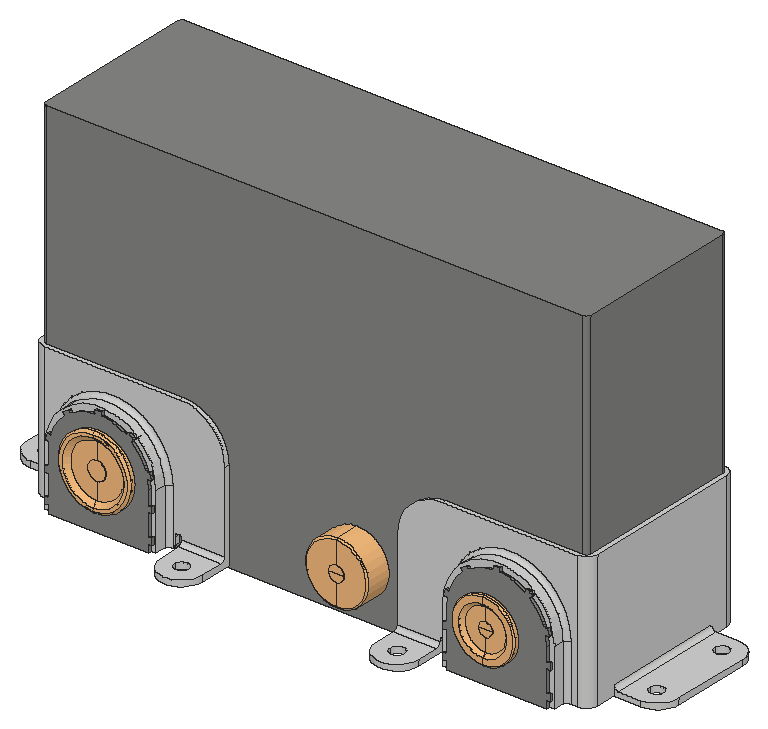
Revit family "Valve-Two_Outlet_Thermostatic-KOHLER-K-26340T", category Plumbing Fixtures, host Face, Revit 2017
Family settings
  Host = Face
  Round Connector Dimension = Use Diameter
  Part Type = Normal
  OmniClass Number = 23.27.31.00
  OmniClass Title = Valves
  Cut with Voids When Loaded = No
  Shared = No
  Room Calculation Point = No
Parameters (values of type "NA- Not applicable")
  Width = 11 51/128"  # constant formula
  WaterSense Certified = 1 = 0  # no
  Waste Connection = 1 = 0  # no
  Vent Connection = 1 = 0  # no
  Tempered Water Outlet 2 Up [instance] = no
  Tempered Water Outlet 1 Up [instance] = no
  Tempered Water Outlet 2 = "Tempered Water Outlet 2"  # constant formula
  Tempered Water Outlet 1 = "Tempered Water Outlet 1"  # constant formula
  URL = "http://www.kohler.com.cn/"
  Type = 1
  Product Page URL = ""
  Product Name = ""
  Product Documentation Link = ""
  Pressure = 0.00 psi
  Model = "K-26340T-NA"  # constant formula
  Material = "Plastic"  # constant formula
  Master Format 2014 Name = "Control Valves"  # constant formula
  Master Format 2014 = "23 09 13.33"  # constant formula
  Manufacturer Address = "Kohler Beijing Office (100016)\n36-2-03-B, No. 88, Liuxiang Road, Beijing"  # constant formula
  Manufacturer = "KOHLER Co."  # constant formula
  Length = 6 13/128"  # constant formula
  Hot Water Inlet = "Hot Water Inlet"  # constant formula
  Height = 4 113/128"  # constant formula
  HW Connection = 1 = 1  # yes
  Flow Rate = 1.75 GPM  # constant formula
  Finish = Kohler-Plastic-58-Thunder_Grey
  Environmental Product Declaration = ""
  Description = "Recessed thermostatic valve-2-outlet"  # constant formula
  Default Elevation = 42"
  Declare Label = ""
  Date Modified = "02/12/2021"  # constant formula
  Date Created = "02/12/2021"  # constant formula
  Copyright = "Copyright KOHLER Co."  # constant formula
  Contact Us = "http://www.kohler.com.cn/contact/contact-us/"
  Cold Water Inlet = "Cold Water Inlet"  # constant formula
  CW Connection = 1 = 1  # yes
  Tempered Water Outlet 2 Down [instance] = not(Tempered Water Outlet 2 Up)  # yes
  Tempered Water Outlet 1 Down [instance] = not(Tempered Water Outlet 1 Up)  # yes
  Assembly Code = "D2020"
  ADA Compliant = 1 = 0  # no
Reference planes (in)
  plane 1 "Center (Front/Back)": y = 0
  plane 2: z = 0
  plane 3 "Center (Left/Right)": x = 0
  plane 4: y = 2.44094
  plane 5: y = -2.44188
  plane 6: y = 1.98819
  plane 7: y = -1.98819
  plane 8: z = 0
  plane 9: z = -5.21654
  plane 10: z = -5.11811
  plane 11: x = -5.69882
  plane 12: x = 5.69962
  plane 13: x = 3.29724
  plane 14: x = 0.73819
  plane 15: x = -3.48914
  plane 16: x = -4.85236
  plane 17: x = 4.85236
  plane 18: y = -1.51575
  plane 19: y = 1.51575
  plane 20: z = -6.10156
  plane 21: y = 0.70866
  plane 22: y = -0.70866
  plane 23: x = -5.3248
  plane 24: x = 5.3248
  plane 25: x = -1.87992
  plane 26: x = 1.87992
Forms (in)
  Extrusion 1, void
    sketch origin (0, 0, 0) x (1, 0, 0) y (0, 1, 0)
      loop
        line (-4.85236, 1.59449) -> (-4.85236, -1.59449) -> (4.85236, -1.59449) -> (4.85236, 1.59449) -> (-4.85236, 1.59449)
    from -6.10236 to 1.46474
  Extrusion 2, void
    sketch origin (0, 0, 0) x (1, 0, 0) y (0, 0, 1)
      loop
        line (-5.69882, -3.72047) -> (-5.69882, -6.10236) -> (5.69882, -6.10236) -> (5.69882, -3.72047) -> (-5.69882, -3.72047)
    from -2.44094 to 2.44094
Dimensions and locks (in)
  locked: plane 17 to plane 16 at 9.70472
  locked: plane 19 to plane 18 at 3.0315
  locked: plane 6 to plane 7 at 3.97638
  "Length": level to plane 20
  locked: plane 10 to plane 20 at 0.98345
  locked: plane 9 to plane 20 at 0.88503
  "Width": plane 11 to plane 12
  "Height": plane 4 to plane 5
  locked: plane 22 to plane 21 at 1.41732
  locked: plane 25 to plane 13 at 5.17717
  aligned and locked: plane 2 to host face
  aligned and locked: level to host face
  aligned and locked: plane 8 to nested 1
  aligned and locked: plane 8 to level
  aligned and locked: plane 10 to nested 1
  aligned and locked: plane 20 to nested 1
Automatic sketch dimensions
  host sketch curve to host sketch curve = 96"  (x2)
  plane 11 to Extrusion 2 sketch curve = 0"
  Extrusion 2 sketch curve to plane 12 = 0.0008"
  plane 20 to Extrusion 2 sketch curve = 0.0008"
  Extrusion 2 sketch curve to plane 20 = 2.38109"
  Extrusion 1 sketch curve to plane 16 = 0"
  Extrusion 1 sketch curve to plane 17 = 0"
  plane 18 to Extrusion 1 sketch curve = 0.07874"
  plane 19 to Extrusion 1 sketch curve = 0.07874"
Nested families (in)
  nested 1: "K-26340IN" at (0, 0, -6.10236), type "K-26340IN"
Connectors (in)
  piping at (-3.48914, -1.90938, -5.11811), diameter 0.75, driven by "Flow Rate", driven by "HW Connection", driven by "Hot Water Inlet"
    settings: on nested 1, index 1, connector inside diameter 24", connector length 0", flow factor 0, pipe flow 1.75 GPM, pressure drop 0.00 psi, fitting loss kfactor 0, connector angle 0.00°, fixture units 0, engagement length 0", angle of deflection 0.00°, flow configuration 1, flow direction 1, fitting loss method 0, system type 19, joint type 0, gender type 0, connector reference index -1, connector utility 1, adjustable connector no, is connector primary yes, connector description "Hot Water Inlet"
  piping at (-3.48914, 1.90938, -5.11811), diameter 0.75, driven by "Flow Rate", driven by "CW Connection", driven by "Cold Water Inlet"
    settings: on nested 1, index 2, connector inside diameter 24", connector length 0", flow factor 0, pipe flow 1.75 GPM, pressure drop 0.00 psi, fitting loss kfactor 0, connector angle 0.00°, fixture units 0, engagement length 0", angle of deflection 0.00°, flow configuration 1, flow direction 1, fitting loss method 0, system type 20, joint type 0, gender type 0, connector reference index -1, connector utility 1, adjustable connector no, is connector primary no, connector description "Cold Water Inlet"
  piping at (0.73819, -1.9685, -5.21654), diameter 0.5, driven by "Flow Rate", driven by "HW Connection", driven by "Tempered Water Outlet 1"
    settings: on nested 1, index 3, connector inside diameter 24", connector length 0", flow factor 0, pipe flow 1.75 GPM, pressure drop 0.00 psi, fitting loss kfactor 0, connector angle 0.00°, fixture units 0, engagement length 0", angle of deflection 0.00°, flow configuration 1, flow direction 2, fitting loss method 0, system type 19, joint type 0, gender type 0, connector reference index -1, connector utility 1, adjustable connector no, is connector primary no, connector description "Tempered Water Outlet 1"
  piping at (3.29724, -1.90938, -5.21654), diameter 0.5, driven by "Flow Rate", driven by "HW Connection", driven by "Tempered Water Outlet 2"
    settings: on nested 1, index 4, connector inside diameter 24", connector length 0", flow factor 0, pipe flow 1.75 GPM, pressure drop 0.00 psi, fitting loss kfactor 0, connector angle 0.00°, fixture units 0, engagement length 0", angle of deflection 0.00°, flow configuration 1, flow direction 2, fitting loss method 0, system type 19, joint type 0, gender type 0, connector reference index -1, connector utility 1, adjustable connector no, is connector primary no, connector description "Tempered Water Outlet 2"
Definition of nested family "K-26340IN"
  Parameters (values of type "K-26340")
    Top connector 2 = no
    Top connector 1 = no
    Material = none
    Connetor2 angel = if(Top connector 2, 0.00°, 180.00°)  # 180.00°
    Connector2 Distance = if(Top connector 2, 3.0315", 0")  # 0"
    Connector1 angel = if(Top connector 1, 180.00°, 0.00°)  # 0.00°
    Connector1 Distance = if(Top connector 1, 0", 3.0315")  # 3.0315"
    Bottum Connector 2 = not(Top connector 2)  # yes
    Bottum Connector 1 = not(Top connector 1)  # yes
  Reference planes (in)
    plane 1 "Center (Front/Back)": y = 0
    plane 2: z = 0
    plane 3 "Center (Left/Right)": x = 0
    plane 4: x = -5.69882
    plane 5: y = 2.44094
    plane 6: y = -2.44094
    plane 7: z = 6.10236
    plane 8 "2": x = 3.29724
    plane 9 "1": x = -3.48914
    plane 10: z = 0.98425
    plane 11 "A": z = 0.88583
    plane 12: y = 1.98819
    plane 13: y = -1.98819
    plane 14: x = -1.87992
    plane 15: x = 5.69882
    plane 16: y = 1.51575
    plane 17: y = -1.51575
    plane 18: x = 1.87992
    plane 19 "3": x = 0.73819
    plane 20: x = 4.85236
    plane 21: x = -4.85236
    plane 22: y = -1.51575
    plane 23: y = -1.51575
    plane 24: z = 0
    plane 25: y = 0.70866
    plane 26: y = -0.70866
    plane 27: x = -5.3248
    plane 28: x = 5.3248
  Forms (in)
    Extrusion 1, solid, material <- "Material", detail levels medium+fine
      sketch origin (0, 0, 0) x (1, 0, 0) y (0, 1, 0)
        loop
          line (4.6752, 1.51575) -> (-4.6752, 1.51575)
          arc (-4.6752, 1.51575) -> (-4.73087, 1.49269) -> (-4.75394, 1.43701) r 0.07874
          line (-4.75394, 1.43701) -> (-4.75394, -1.43701)
          arc (-4.75394, -1.43701) -> (-4.73087, -1.49269) -> (-4.6752, -1.51575) r 0.07874
          line (-4.6752, -1.51575) -> (4.6752, -1.51575)
          arc (4.6752, -1.51575) -> (4.73087, -1.49269) -> (4.75394, -1.43701) r 0.07874
          line (4.75394, -1.43701) -> (4.75394, 1.43701)
          arc (4.75394, 1.43701) -> (4.73087, 1.49269) -> (4.6752, 1.51575) r 0.07874
      from 0 to 6.10236
    Extrusion 2, solid, detail levels medium+fine
      sketch origin (0, 0, 0) x (1, 0, 0) y (0, 0, 1)
        loop
          line (-2.29331, 2.38189) -> (-4.85236, 2.38189) -> (-4.85236, 0.01969) -> (-2.42323, 0.01969)
          arc (-2.42323, 0.01969) -> (-2.38704, 0.03468) -> (-2.37205, 0.07087) r 0.05118
          line (-2.37205, 0.07087) -> (-2.37205, 0.2165)
          arc (-2.37205, 0.2165) -> (-2.31299, 0.27556) -> (-2.25394, 0.2165) r 0.05906
          line (-2.25394, 0.2165) -> (-2.25394, 0.01969) -> (-1.50591, 0.01969) -> (-1.50591, 1.59449)
          arc (-1.50591, 1.59449) -> (-1.73653, 2.15127) -> (-2.29331, 2.38189) r 0.7874
        loop
          arc (2.29331, 2.38189) -> (1.73653, 2.15127) -> (1.50591, 1.59449) r 0.7874
          line (1.50591, 1.59449) -> (1.50591, 0.01969) -> (2.25394, 0.01969) -> (2.25394, 0.2165)
          arc (2.25394, 0.2165) -> (2.31299, 0.27556) -> (2.37205, 0.2165) r 0.05906
          line (2.37205, 0.2165) -> (2.37205, 0.07087)
          arc (2.37205, 0.07087) -> (2.38704, 0.03468) -> (2.42323, 0.01969) r 0.05118
          line (2.42323, 0.01969) -> (4.85236, 0.01969) -> (4.85236, 2.38189) -> (2.29331, 2.38189)
      from -1.59449 to 1.59449
    Sweep 3, void
      path in 3D
        loop
          line (-4.85236, -1.59449, 2.38189) -> (-4.85236, -1.59449, 0.01969)
      profile origin (-4.85236, -1.59449, 1.20079) x (-1, 0, 0) y (0, -1, 0)
        loop
          line (0, -0.19685) -> (0, 0) -> (-0.19685, 0)
          arc (-0.19685, 0) -> (-0.05766, -0.05766) -> (0, -0.19685) r 0.19685
    Sweep 4, void
      path in 3D
        loop
          line (-4.85236, 1.59449, 2.38189) -> (-4.85236, 1.59449, 0.01969)
      profile origin (-4.85236, 1.59449, 1.20079) x (-1, 0, 0) y (0, -1, 0)
        loop
          arc (0, 0.19685) -> (-0.05766, 0.05766) -> (-0.19685, 0) r 0.19685
          line (-0.19685, 0) -> (0, 0) -> (0, 0.19685)
    Sweep 5, void
      path in 3D
        loop
          line (4.85236, -1.59449, 2.38189) -> (4.85236, -1.59449, 0.01969)
      profile origin (4.85236, -1.59449, 1.20079) x (1, 0, 0) y (0, 1, 0)
        loop
          arc (0, 0.19685) -> (-0.05766, 0.05766) -> (-0.19685, 0) r 0.19685
          line (-0.19685, 0) -> (0, 0) -> (0, 0.19685)
    Sweep 6, void
      path in 3D
        loop
          line (4.85236, 1.59449, 2.38189) -> (4.85236, 1.59449, 0.01969)
      profile origin (4.85236, 1.59449, 1.20079) x (1, 0, 0) y (0, 1, 0)
        loop
          line (0, -0.19685) -> (0, 0) -> (-0.19685, 0)
          arc (-0.19685, 0) -> (-0.05766, -0.05766) -> (0, -0.19685) r 0.19685
    Extrusion 7, solid, detail levels medium+fine
      sketch origin (0, 0, 0) x (1, 0, 0) y (0, 1, 0)
        loop
          line (-4.85236, 1.06299) -> (-5.3248, 1.06299)
          arc (-5.3248, 1.06299) -> (-5.58927, 0.95345) -> (-5.69882, 0.68898) r 0.37402
          line (-5.69882, 0.68898) -> (-5.69882, -0.68898)
          arc (-5.69882, -0.68898) -> (-5.58927, -0.95345) -> (-5.3248, -1.06299) r 0.37402
          line (-5.3248, -1.06299) -> (-4.85236, -1.06299) -> (-4.85236, 1.06299)
        loop
          line (4.85236, 1.06299) -> (4.85236, -1.06299) -> (5.3248, -1.06299)
          arc (5.3248, -1.06299) -> (5.58927, -0.95345) -> (5.69882, -0.68898) r 0.37402
          line (5.69882, -0.68898) -> (5.69882, 0.68898)
          arc (5.69882, 0.68898) -> (5.58927, 0.95345) -> (5.3248, 1.06299) r 0.37402
          line (5.3248, 1.06299) -> (4.85236, 1.06299)
        loop
          circle (-5.3248, 0.70866) r 0.12598
        loop
          circle (-5.3248, -0.70866) r 0.12598
        loop
          circle (5.3248, 0.70866) r 0.12598
        loop
          circle (5.3248, -0.70866) r 0.12598
        loop
          arc (-2.25393, -2.06693) -> (-1.87992, -2.44094) -> (-1.50591, -2.06693) r 0.37401
          line (-1.50591, -2.06693) -> (-1.50591, -1.59449) -> (-2.25393, -1.59449) -> (-2.25393, -2.06693)
        loop
          line (2.25393, -2.06693) -> (2.25393, -1.59449) -> (1.50591, -1.59449) -> (1.50591, -2.06693)
          arc (1.50591, -2.06693) -> (1.87992, -2.44094) -> (2.25393, -2.06693) r 0.37401
        loop
          line (-2.25393, 2.06693) -> (-2.25393, 1.59449) -> (-1.50591, 1.59449) -> (-1.50591, 2.06693)
          arc (-1.50591, 2.06693) -> (-1.87992, 2.44094) -> (-2.25393, 2.06693) r 0.37401
        loop
          arc (2.25393, 2.06693) -> (1.87992, 2.44094) -> (1.50591, 2.06693) r 0.37401
          line (1.50591, 2.06693) -> (1.50591, 1.59449) -> (2.25393, 1.59449) -> (2.25393, 2.06693)
        loop
          circle (-1.87992, -2.06693) r 0.12598
        loop
          circle (1.87992, -2.06693) r 0.12598
        loop
          circle (-1.87992, 2.06693) r 0.12598
        loop
          circle (1.87992, 2.06693) r 0.12598
      from 0.01969 to 0.11811
    Extrusion 8, solid, detail levels medium+fine
      sketch origin (1.27953, 0, 0) x (1, 0, 0) y (0, 0, 1)
        loop
          line (-3.77953, 0.01969) -> (-3.77953, 0.98689)
          arc (-3.77953, 0.98689) -> (-4.75394, 1.9613) -> (-5.72835, 0.98689) r 0.97441
          line (-5.72835, 0.98689) -> (-5.72835, 0.01969) -> (-3.77953, 0.01969)
        loop
          line (1.22047, 0.99085) -> (1.22047, 0.01969) -> (3.16929, 0.01969) -> (3.16929, 0.99085)
          arc (3.16929, 0.99085) -> (2.19488, 1.96526) -> (1.22047, 0.99085) r 0.97441
      from -1.85039 to 1.85039
    Extrusion 9, solid, material <- "Material", detail levels medium+fine
      sketch origin (-1.27953, 0, 0) x (1, 0, 0) y (0, 0, 1)
        loop
          line (-3.07087, 0.62992) -> (-3.07087, 0.25591) -> (-3.12992, 0.25591) -> (-3.12992, 0.1378) -> (-3.07087, 0.1378) -> (-3.07087, 0) -> (-1.3189, 0) -> (-1.3189, 0.1378) -> (-1.25984, 0.1378) -> (-1.25984, 0.25591) -> (-1.3189, 0.25591) -> (-1.3189, 0.62992) -> (-1.25984, 0.62992) -> (-1.25984, 0.74803) -> (-1.3189, 0.74803) -> (-1.3189, 0.98425)
          arc (-1.3189, 0.98425) -> (-1.32232, 1.06162) -> (-1.33257, 1.13839) r 0.87598
          line (-1.33257, 1.13839) -> (-1.27514, 1.15271) -> (-1.30372, 1.26731) -> (-1.36114, 1.25299)
          arc (-1.36114, 1.25299) -> (-1.46022, 1.46135) -> (-1.61026, 1.63661) r 0.87598
          line (-1.61026, 1.63661) -> (-1.57383, 1.68324) -> (-1.6669, 1.75596) -> (-1.70334, 1.70932)
          arc (-1.70334, 1.70932) -> (-1.90969, 1.81251) -> (-2.13583, 1.85824) r 0.87598
          line (-2.13583, 1.85824) -> (-2.13583, 1.91742) -> (-2.25394, 1.91742) -> (-2.25394, 1.85824)
          arc (-2.25394, 1.85824) -> (-2.48007, 1.81251) -> (-2.68643, 1.70932) r 0.87598
          line (-2.68643, 1.70932) -> (-2.72286, 1.75596) -> (-2.81594, 1.68324) -> (-2.7795, 1.63661)
          arc (-2.7795, 1.63661) -> (-2.92954, 1.46135) -> (-3.02863, 1.25299) r 0.87598
          line (-3.02863, 1.25299) -> (-3.08605, 1.26731) -> (-3.11462, 1.15271) -> (-3.0572, 1.13839)
          arc (-3.0572, 1.13839) -> (-3.06744, 1.06162) -> (-3.07087, 0.98425) r 0.87598
          line (-3.07087, 0.98425) -> (-3.07087, 0.74803) -> (-3.12992, 0.74803) -> (-3.12992, 0.62992) -> (-3.07087, 0.62992)
        loop
          line (3.87795, 0.62992) -> (3.87795, 0.25591) -> (3.8189, 0.25591) -> (3.8189, 0.1378) -> (3.87795, 0.1378) -> (3.87795, 0) -> (5.62992, 0) -> (5.62992, 0.1378) -> (5.68898, 0.1378) -> (5.68898, 0.25591) -> (5.62992, 0.25591) -> (5.62992, 0.62992) -> (5.68898, 0.62992) -> (5.68898, 0.74803) -> (5.62992, 0.74803) -> (5.62992, 0.98425)
          arc (5.62992, 0.98425) -> (5.6265, 1.06162) -> (5.61625, 1.13839) r 0.87598
          line (5.61625, 1.13839) -> (5.67368, 1.15271) -> (5.6451, 1.26731) -> (5.58768, 1.25299)
          arc (5.58768, 1.25299) -> (5.4886, 1.46135) -> (5.33856, 1.63661) r 0.87598
          line (5.33856, 1.63661) -> (5.37499, 1.68324) -> (5.28192, 1.75596) -> (5.24548, 1.70932)
          arc (5.24548, 1.70932) -> (5.03913, 1.81251) -> (4.81299, 1.85824) r 0.87598
          line (4.81299, 1.85824) -> (4.81299, 1.91742) -> (4.69488, 1.91742) -> (4.69488, 1.85824)
          arc (4.69488, 1.85824) -> (4.46874, 1.81251) -> (4.26239, 1.70932) r 0.87598
          line (4.26239, 1.70932) -> (4.22595, 1.75596) -> (4.13288, 1.68324) -> (4.16932, 1.63661)
          arc (4.16932, 1.63661) -> (4.01927, 1.46135) -> (3.92019, 1.25299) r 0.87598
          line (3.92019, 1.25299) -> (3.86277, 1.26731) -> (3.8342, 1.15271) -> (3.89162, 1.13839)
          arc (3.89162, 1.13839) -> (3.88138, 1.06162) -> (3.87795, 0.98425) r 0.87598
          line (3.87795, 0.98425) -> (3.87795, 0.74803) -> (3.8189, 0.74803) -> (3.8189, 0.62992) -> (3.87795, 0.62992)
        loop
          circle (-2.20961, 0.98425) r 0.54335
        loop
          circle (4.57677, 0.88583) r 0.41841
      from -1.92913 to 1.88976
    Revolve 10, solid, detail levels medium+fine
      sketch origin (-3.48914, 0, 0) x (0, 0, 1) y (0, -1, 0)
        loop
          line (1.5276, -1.98819) -> (1.58464, -1.98819) -> (1.62406, -1.94877) -> (1.62406, -1.51575) -> (0.98425, -1.51575) -> (0.98425, -1.90938) -> (1.44879, -1.90938) -> (1.5276, -1.98819)
        loop
          line (1.5276, 1.98819) -> (1.44879, 1.90938) -> (0.98425, 1.90938) -> (0.98425, 1.51575) -> (1.62406, 1.51575) -> (1.62406, 1.94877) -> (1.58464, 1.98819) -> (1.5276, 1.98819)
        axis (0.98425, -1.98819) -> (0.98425, 1.98819)
      angle from 0 to 360
    Revolve 11, solid, detail levels medium+fine
      sketch origin (3.29724, 0, 0) x (0, 0, -1) y (0, -1, 0)
        loop
          line (-1.43701, 1.94331) -> (-1.43701, 1.61417) -> (-0.88583, 1.61417) -> (-0.88583, 1.90938) -> (-1.24512, 1.90938) -> (-1.30424, 1.9685) -> (-1.41732, 1.9685) -> (-1.43701, 1.94331)
        loop
          line (-1.43701, -1.94331) -> (-1.41732, -1.9685) -> (-1.30424, -1.9685) -> (-1.24512, -1.90938) -> (-0.88583, -1.90938) -> (-0.88583, -1.61417) -> (-1.43701, -1.61417) -> (-1.43701, -1.94331)
        axis (-0.88583, 1.9685) -> (-0.88583, -1.9685)
      angle from 0 to 360
    Sweep 12, solid, detail levels medium+fine
      path in 3D
        loop
          line (2.5, 1.59449, 0.01969) -> (2.5, 1.59449, 0.99085)
          arc (2.5, 1.59449, 0.99085) -> (3.47441, 1.59449, 1.96526) -> (4.44882, 1.59449, 0.99085) r 0.97441
          line (4.44882, 1.59449, 0.99085) -> (4.44882, 1.59449, 0.01969)
      profile origin (2.5, 1.59449, 0.50527) x (0, 1, 0) y (-1, 0, 0)
        loop
          arc (0.07874, 0) -> (0.02306, 0.02306) -> (0, 0.07874) r 0.07874
          line (0, 0.07874) -> (0, 0) -> (0.07874, 0)
    Sweep 13, solid, detail levels medium+fine
      path in 3D
        loop
          line (-4.44882, -1.59449, 0.01969) -> (-4.44882, -1.59449, 0.99085)
          arc (-4.44882, -1.59449, 0.99085) -> (-3.47441, -1.59449, 1.96526) -> (-2.5, -1.59449, 0.99085) r 0.97441
          line (-2.5, -1.59449, 0.99085) -> (-2.5, -1.59449, 0.01969)
      profile origin (-4.44882, -1.59449, 0.50527) x (0, 1, 0) y (-1, 0, 0)
        loop
          line (-0.07874, 0) -> (0, 0) -> (0, 0.07874)
          arc (0, 0.07874) -> (-0.02306, 0.02306) -> (-0.07874, 0) r 0.07874
    Sweep 14, solid, detail levels medium+fine
      path in 3D
        loop
          line (-4.44882, 1.59449, 0.01969) -> (-4.44882, 1.59449, 0.99085)
          arc (-4.44882, 1.59449, 0.99085) -> (-3.47441, 1.59449, 1.96526) -> (-2.5, 1.59449, 0.99085) r 0.97441
          line (-2.5, 1.59449, 0.99085) -> (-2.5, 1.59449, 0.01969)
      profile origin (-4.44882, 1.59449, 0.50527) x (0, 1, 0) y (-1, 0, 0)
        loop
          arc (0.07874, 0) -> (0.02306, 0.02306) -> (0, 0.07874) r 0.07874
          line (0, 0.07874) -> (0, 0) -> (0.07874, 0)
    Extrusion 15, solid, detail levels medium+fine
      sketch origin (0, 0, 0) x (1, 0, 0) y (0, 0, 1)
        loop
          line (-3.57283, 0.11811) -> (-3.57283, 0.19685)
          arc (-3.57283, 0.19685) -> (-3.5959, 0.14117) -> (-3.65157, 0.11811) r 0.07874
          line (-3.65157, 0.11811) -> (-3.57283, 0.11811)
        loop
          line (3.57283, 0.11811) -> (3.65157, 0.11811)
          arc (3.65157, 0.11811) -> (3.5959, 0.14117) -> (3.57283, 0.19685) r 0.07874
          line (3.57283, 0.19685) -> (3.57283, 0.11811)
      from -1.06299 to 1.06299
    Extrusion 16, solid, detail levels medium+fine
      sketch origin (0, 0, 0) x (0, 1, 0) y (0, 0, 1)
        loop
          line (-1.67323, 0.11811) -> (-1.59449, 0.11811) -> (-1.59449, 0.19685)
          arc (-1.59449, 0.19685) -> (-1.61755, 0.14117) -> (-1.67323, 0.11811) r 0.07874
        loop
          arc (1.67323, 0.11811) -> (1.61755, 0.14117) -> (1.59449, 0.19685) r 0.07874
          line (1.59449, 0.19685) -> (1.59449, 0.11811) -> (1.67323, 0.11811)
      from 1.50591 to 2.25394
    Extrusion 17, solid, detail levels medium+fine
      sketch origin (0, 0, 0) x (0, 1, 0) y (0, 0, 1)
        loop
          line (-1.67323, 0.11811) -> (-1.59449, 0.11811) -> (-1.59449, 0.19685)
          arc (-1.59449, 0.19685) -> (-1.61755, 0.14117) -> (-1.67323, 0.11811) r 0.07874
        loop
          arc (1.67323, 0.11811) -> (1.61755, 0.14117) -> (1.59449, 0.19685) r 0.07874
          line (1.59449, 0.19685) -> (1.59449, 0.11811) -> (1.67323, 0.11811)
      from -2.25394 to -1.50591
    Extrusion 18, solid, material <- "Material", detail levels coarse
      sketch origin (0, 0, 0) x (1, 0, 0) y (0, 1, 0)
        loop
          line (4.75394, 1.51575) -> (-4.75394, 1.51575) -> (-4.75394, -1.51575) -> (4.75394, -1.51575) -> (4.75394, 1.51575)
      from 0 to 6.10236
    Extrusion 19, solid, material <- "Material", detail levels coarse
      sketch origin (-1.27953, 0, 0) x (1, 0, 0) y (0, 0, 1)
        loop
          line (-1.3189, 0) -> (-1.3189, 0.9897)
          arc (-1.3189, 0.9897) -> (-2.19488, 1.86569) -> (-3.07087, 0.9897) r 0.87598
          line (-3.07087, 0.9897) -> (-3.07087, 0) -> (-1.3189, 0)
        loop
          line (5.62992, 0) -> (5.62992, 0.9897)
          arc (5.62992, 0.9897) -> (4.75394, 1.86569) -> (3.87795, 0.9897) r 0.87598
          line (3.87795, 0.9897) -> (3.87795, 0) -> (5.62992, 0)
      from -1.92913 to 1.88976
    Extrusion 20, solid, detail levels coarse
      sketch origin (0, 0, 0) x (1, 0, 0) y (0, 1, 0)
        loop
          line (4.85236, 1.59449) -> (1.50591, 1.59449) -> (1.50591, 1.51575) -> (4.75394, 1.51575) -> (4.75394, -1.51575) -> (1.50591, -1.51575) -> (1.50591, -1.59449) -> (4.85236, -1.59449) -> (4.85236, 1.59449)
        loop
          line (-4.85236, 1.59449) -> (-4.85236, -1.59449) -> (-1.50591, -1.59449) -> (-1.50591, -1.51575) -> (-4.75394, -1.51575) -> (-4.75394, 1.51575) -> (-1.50591, 1.51575) -> (-1.50591, 1.59449) -> (-4.85236, 1.59449)
      from 0 to 2.38189
    Extrusion 21, solid, detail levels coarse
      sketch origin (0, 0, 0) x (1, 0, 0) y (0, 1, 0)
        loop
          line (-5.69882, -1.06299) -> (-4.85236, -1.06299) -> (-4.85236, 1.06299) -> (-5.69882, 1.06299) -> (-5.69882, -1.06299)
        loop
          line (-2.25393, 1.59449) -> (-1.5059, 1.59449) -> (-1.5059, 2.44094) -> (-2.25393, 2.44094) -> (-2.25393, 1.59449)
        loop
          line (1.50591, 1.59449) -> (2.25394, 1.59449) -> (2.25394, 2.44094) -> (1.50591, 2.44094) -> (1.50591, 1.59449)
        loop
          line (-2.25393, -1.59449) -> (-2.25393, -2.44094) -> (-1.5059, -2.44094) -> (-1.5059, -1.59449) -> (-2.25393, -1.59449)
        loop
          line (1.50591, -1.59449) -> (1.50591, -2.44094) -> (2.25394, -2.44094) -> (2.25394, -1.59449) -> (1.50591, -1.59449)
        loop
          line (5.69882, -1.06299) -> (5.69882, 1.06299) -> (4.85236, 1.06299) -> (4.85236, -1.06299) -> (5.69882, -1.06299)
        loop
          circle (-5.3248, 0.70866) r 0.12598
        loop
          circle (-5.3248, -0.70866) r 0.12598
        loop
          circle (-1.87991, 2.06693) r 0.12598
        loop
          circle (1.87993, 2.06693) r 0.12598
        loop
          circle (5.3248, 0.70866) r 0.12598
        loop
          circle (5.3248, -0.70866) r 0.12598
        loop
          circle (-1.87991, -2.06693) r 0.12598
        loop
          circle (1.87993, -2.06693) r 0.12598
      from 0.01969 to 0.11811
    Extrusion 22, solid, detail levels medium+fine
      sketch origin (-1.27953, 0, 0) x (1, 0, 0) y (0, 0, 1)
        loop
          circle (-2.20961, 0.98425) r 0.15748
      from -1.90938 to 1.90938
    Extrusion 23, solid, detail levels coarse
      sketch origin (1.27953, 0, 0) x (1, 0, 0) y (0, 0, 1)
        loop
          circle (-4.76867, 0.98425) r 0.63981
        loop
          circle (2.01772, 0.88583) r 0.55118
      from -1.98819 to 1.98819
    Extrusion 24, solid, detail levels medium+fine
      sketch origin (0, 0, 0) x (1, 0, 0) y (0, 0, 1)
        loop
          line (-4.85236, 0.11811) -> (-4.85236, 0.19685)
          arc (-4.85236, 0.19685) -> (-4.87542, 0.14117) -> (-4.9311, 0.11811) r 0.07874
          line (-4.9311, 0.11811) -> (-4.85236, 0.11811)
        loop
          line (4.85236, 0.11811) -> (4.9311, 0.11811)
          arc (4.9311, 0.11811) -> (4.87542, 0.14117) -> (4.85236, 0.19685) r 0.07874
          line (4.85236, 0.19685) -> (4.85236, 0.11811)
      from -1.06299 to 1.06299
    Revolve 25, solid, detail levels medium+fine
      sketch origin (0.73819, 0, 0) x (0, 0, -1) y (0, -1, 0)
        loop
          line (-0.88583, 1.9685) -> (-1.40868, 1.9685) -> (-1.43701, 1.94018) -> (-1.43701, 1.51575) -> (-0.88583, 1.51575) -> (-0.88583, 1.9685)
        loop
          line (-0.88583, -1.9685) -> (-0.88583, -1.51575) -> (-1.43701, -1.51575) -> (-1.43701, -1.94018) -> (-1.40868, -1.9685) -> (-0.88583, -1.9685)
        axis (-0.88583, 1.9685) -> (-0.88583, -1.9685)
      angle from 0 to 360
    Sweep 26, solid, detail levels medium+fine
      path in 3D
        loop
          line (2.5, -1.59449, 0.01969) -> (2.5, -1.59449, 0.99085)
          arc (2.5, -1.59449, 0.99085) -> (3.47441, -1.59449, 1.96526) -> (4.44882, -1.59449, 0.99085) r 0.97441
          line (4.44882, -1.59449, 0.99085) -> (4.44882, -1.59449, 0.01969)
      profile origin (2.5, -1.59449, 0.50527) x (0, 1, 0) y (-1, 0, 0)
        loop
          line (-0.07874, 0) -> (0, 0) -> (0, 0.07874)
          arc (0, 0.07874) -> (-0.02306, 0.02306) -> (-0.07874, 0) r 0.07874
    Extrusion 27, solid, detail levels coarse
      sketch origin (0, 0, 0) x (1, 0, 0) y (0, 0, 1)
        loop
          circle (0.73819, 0.88583) r 0.55118
      from -1.9685 to 1.9685
    Revolve 28, solid, detail levels medium+fine
      sketch origin (0.73819, -1.51575, 0.88583) x (0, -1, 0) y (1, 0, 0)
        loop
          line (0.45276, 0) -> (0.45276, 0.1335) -> (0.2697, 0.1335) -> (0.2697, 0) -> (0.45276, 0)
        axis (0.45276, 0) -> (0.2697, 0)
      angle from 0 to 360
    Revolve 29, solid, detail levels medium+fine
      sketch origin (3.29724, -3.71496, 0.88583) x (0, 1, 0) y (-1, 0, 0)
        loop
          line (1.80558, 0) -> (1.80558, -0.11811) -> (2.07072, -0.11811) -> (2.07072, 0) -> (1.80558, 0)
        axis (1.80558, 0) -> (2.07072, 0)
      angle from 0 to 360
  Cuts and joins
    joined: Extrusion 1, Extrusion 9
    joined: Revolve 10, Revolve 11, Revolve 25
    joined: Sweep 12, Sweep 13, Sweep 14
    Sweep 3, Sweep 4, Sweep 5, Sweep 6 cuts Extrusion 2
    joined: Extrusion 2, Extrusion 7, Extrusion 8, Extrusion 15, Extrusion 16, Extrusion 17, Extrusion 24
    joined: Extrusion 18, Extrusion 19
    joined: Extrusion 20, Extrusion 21
  Lines and regions (in)
    Masking region 1
      outline origin (0, 0, 0) x (1, 0, 0) y (0, 1, 0)
        loop
          line (-4.85236, 1.39764) -> (-4.85236, 0) -> (-4.85236, -1.39764)
          arc (-4.85236, -1.39764) -> (-4.79471, -1.53683) -> (-4.65551, -1.59449) r 0.19685
          line (-4.65551, -1.59449) -> (0, -1.59449) -> (4.65551, -1.59449)
          arc (4.65551, -1.59449) -> (4.79471, -1.53683) -> (4.85236, -1.39764) r 0.19685
          line (4.85236, -1.39764) -> (4.85236, 0) -> (4.85236, 1.39764)
          arc (4.85236, 1.39764) -> (4.79471, 1.53683) -> (4.65551, 1.59449) r 0.19685
          line (4.65551, 1.59449) -> (0, 1.59449) -> (-4.65551, 1.59449)
          arc (-4.65551, 1.59449) -> (-4.79471, 1.53683) -> (-4.85236, 1.39764) r 0.19685
    Masking region 2, detail levels medium+fine
      outline origin (0, 0, 0) x (1, 0, 0) y (0, 0, 1)
        loop
          line (-4.75394, 6.10236) -> (-4.75394, 2.38189) -> (-4.85236, 2.38189) -> (-4.85236, 0.19685)
          arc (-4.85236, 0.19685) -> (-4.87542, 0.14117) -> (-4.9311, 0.11811) r 0.07874
          line (-4.9311, 0.11811) -> (-5.69882, 0.11811) -> (-5.69882, 0.01969) -> (-4.78006, 0.01969) -> (-4.75394, 0) -> (4.75394, 0) -> (4.78006, 0.01969) -> (5.69882, 0.01969) -> (5.69882, 0.11811) -> (4.9311, 0.11811)
          arc (4.9311, 0.11811) -> (4.87542, 0.14117) -> (4.85236, 0.19685) r 0.07874
          line (4.85236, 0.19685) -> (4.85236, 2.38189) -> (4.75394, 2.38189) -> (4.75394, 6.10236) -> (-4.75394, 6.10236)
    Masking region 3
      outline origin (3.29724, 0, 0) x (0, 0, -1) y (0, -1, 0)
        loop
          line (-6.10236, -1.51575) -> (-2.38189, -1.51575) -> (-2.38189, -1.59449) -> (-2.044, -1.59449)
          arc (-2.044, -1.59449) -> (-1.98832, -1.61755) -> (-1.96526, -1.67323) r 0.07874
          line (-1.96526, -1.67323) -> (-1.96526, -1.85039) -> (-1.91742, -1.85039) -> (-1.91742, -1.92913) -> (-1.64369, -1.92913) -> (-1.58464, -1.98819) -> (-0.38387, -1.98819) -> (-0.35433, -1.9685) -> (-0.32357, -1.92913) -> (-0.11811, -1.92913) -> (-0.11811, -2.44094) -> (-0.01969, -2.44094) -> (-0.01969, -1.95526) -> (0, -1.92913) -> (0, 1.92913) -> (-0.01969, 1.95526) -> (-0.01969, 2.44094) -> (-0.11811, 2.44094) -> (-0.11811, 1.88976) -> (-0.33465, 1.88976) -> (-0.33465, 1.94331) -> (-0.38387, 1.98819) -> (-1.58464, 1.98819) -> (-1.62406, 1.94877) -> (-1.62406, 1.88976) -> (-1.91742, 1.88976) -> (-1.91742, 1.85039) -> (-1.96526, 1.85039) -> (-1.96526, 1.67323)
          arc (-1.96526, 1.67323) -> (-1.98832, 1.61755) -> (-2.044, 1.59449) r 0.07874
          line (-2.044, 1.59449) -> (-2.38189, 1.59449) -> (-2.38189, 1.51575) -> (-6.10236, 1.51575) -> (-6.10236, -1.51575)
    sketch lines
      curve 1: line (-4.85236, -1.59449, 2.38189) -> (-4.85236, -1.59449, 0.01969)
      curve 2: line (-4.85236, 1.59449, 2.38189) -> (-4.85236, 1.59449, 0.01969)
      curve 3: line (4.85236, -1.59449, 2.38189) -> (4.85236, -1.59449, 0.01969)
      curve 4: line (4.85236, 1.59449, 2.38189) -> (4.85236, 1.59449, 0.01969)
      curve 5: line (2.5, 1.59449, 0.01969) -> (2.5, 1.59449, 0.99085)
      curve 6: arc (4.44882, 1.59449, 0.99085) -> (3.47441, 1.59449, 1.96526) -> (2.5, 1.59449, 0.99085) r 0.97441
      curve 7: line (4.44882, 1.59449, 0.99085) -> (4.44882, 1.59449, 0.01969)
      curve 8: line (-4.44882, -1.59449, 0.01969) -> (-4.44882, -1.59449, 0.99085)
      curve 9: arc (-2.5, -1.59449, 0.99085) -> (-3.47441, -1.59449, 1.96526) -> (-4.44882, -1.59449, 0.99085) r 0.97441
      curve 10: line (-2.5, -1.59449, 0.99085) -> (-2.5, -1.59449, 0.01969)
      curve 11: line (-4.44882, 1.59449, 0.01969) -> (-4.44882, 1.59449, 0.99085)
      curve 12: arc (-2.5, 1.59449, 0.99085) -> (-3.47441, 1.59449, 1.96526) -> (-4.44882, 1.59449, 0.99085) r 0.97441
      curve 13: line (-2.5, 1.59449, 0.99085) -> (-2.5, 1.59449, 0.01969)
      curve 203: line (2.5, -1.59449, 0.01969) -> (2.5, -1.59449, 0.99085)
      curve 204: arc (4.44882, -1.59449, 0.99085) -> (3.47441, -1.59449, 1.96526) -> (2.5, -1.59449, 0.99085) r 0.97441
      curve 205: line (4.44882, -1.59449, 0.99085) -> (4.44882, -1.59449, 0.01969)
    symbolic lines, detail levels medium+fine
      curve 14: line (4.6752, 1.51575, 0) -> (-4.6752, 1.51575, 0)
      curve 15: arc (-4.6752, 1.51575, 0) -> (-4.73087, 1.49269, 0) -> (-4.75394, 1.43701, 0) r 0.07874
      curve 16: line (-4.75394, 1.43701, 0) -> (-4.75394, -1.43701, 0)
      curve 17: line (-4.6752, -1.51575, 0) -> (4.6752, -1.51575, 0)
      curve 18: arc (-4.75394, -1.43701, 0) -> (-4.73087, -1.49269, 0) -> (-4.6752, -1.51575, 0) r 0.07874
      curve 19: arc (4.6752, -1.51575, 0) -> (4.73087, -1.49269, 0) -> (4.75394, -1.43701, 0) r 0.07874
      curve 20: line (4.75394, -1.43701, 0) -> (4.75394, 1.43701, 0)
      curve 21: arc (4.75394, 1.43701, 0) -> (4.73087, 1.49269, 0) -> (4.6752, 1.51575, 0) r 0.07874
      curve 22: line (-1.50591, 1.59449, 0) -> (-4.52756, 1.59449, 0)
      curve 23: line (-2.29331, 0, 2.38189) -> (-4.85236, 0, 2.38189)
      curve 24: arc (-1.50591, 0, 1.59449) -> (-1.73653, 0, 2.15127) -> (-2.29331, 0, 2.38189) r 0.7874
      curve 25: line (-1.50591, 0, 0.01969) -> (-1.50591, 0, 1.59449)
      curve 26: arc (-2.37205, 0, 0.2165) -> (-2.31299, 0, 0.27556) -> (-2.25394, 0, 0.2165) r 0.05906
      curve 27: line (-2.25394, 0, 0.2165) -> (-2.25394, 0, 0.01969)
      curve 28: line (-2.37205, 0, 0.07087) -> (-2.37205, 0, 0.2165)
      curve 29: arc (-2.42323, 0, 0.01969) -> (-2.38704, 0, 0.03468) -> (-2.37205, 0, 0.07087) r 0.05118
      curve 30: line (-2.25394, 0, 0.01969) -> (-1.50591, 0, 0.01969)
      curve 31: line (-1.50591, 0, 0.11811) -> (-2.25394, 0, 0.11811)
      curve 32: line (-2.42323, 0, 0.01969) -> (-2.59843, 0, 0.01969)
      curve 33: line (-4.35039, 0, 0.01969) -> (-5.17551, 0, 0.01969)
      curve 34: arc (-3.48914, 0, 0.51971) -> (-3.95368, 0, 0.98425) -> (-3.48914, 0, 1.44879) r 0.46454
      curve 35: arc (-3.48914, 0, 0.4409) -> (-4.03249, 0, 0.98425) -> (-3.48914, 0, 1.5276) r 0.54335
      curve 36: arc (-3.48914, 0, 1.58464) -> (-4.08953, 0, 0.98425) -> (-3.48914, 0, 0.38387) r 0.60038
      curve 37: arc (-3.48914, 0, 1.62406) -> (-4.12895, 0, 0.98425) -> (-3.48914, 0, 0.34445) r 0.63981
      curve 38: arc (-3.48914, 0, 0.34445) -> (-2.84934, 0, 0.98425) -> (-3.48914, 0, 1.62406) r 0.63981
      curve 39: arc (-3.48914, 0, 0.38387) -> (-2.88876, 0, 0.98425) -> (-3.48914, 0, 1.58464) r 0.60038
      curve 40: arc (-3.48914, 0, 1.5276) -> (-2.94579, 0, 0.98425) -> (-3.48914, 0, 0.4409) r 0.54335
      curve 41: arc (-3.48914, 0, 1.44879) -> (-3.0246, 0, 0.98425) -> (-3.48914, 0, 0.51971) r 0.46454
      curve 42: line (-4.35039, 0, 0.1378) -> (-4.35039, 0, 0)
      curve 43: line (-4.40945, 0, 0.1378) -> (-4.35039, 0, 0.1378)
      curve 44: line (-4.40945, 0, 0.25591) -> (-4.40945, 0, 0.1378)
      curve 45: line (-4.35039, 0, 0.25591) -> (-4.40945, 0, 0.25591)
      curve 46: line (-4.35039, 0, 0.62992) -> (-4.35039, 0, 0.25591)
      curve 47: line (-4.40945, 0, 0.62992) -> (-4.35039, 0, 0.62992)
      curve 48: line (-4.40945, 0, 0.74803) -> (-4.40945, 0, 0.62992)
      curve 49: line (-4.35039, 0, 0.74803) -> (-4.40945, 0, 0.74803)
      curve 50: line (-4.35039, 0, 0.98425) -> (-4.35039, 0, 0.74803)
      curve 51: arc (-4.33673, 0, 1.13839) -> (-4.34697, 0, 1.06162) -> (-4.35039, 0, 0.98425) r 0.87598
      curve 52: line (-4.36558, 0, 1.26731) -> (-4.39415, 0, 1.15271)
      curve 53: line (-4.30815, 0, 1.25299) -> (-4.36558, 0, 1.26731)
      curve 54: line (-4.39415, 0, 1.15271) -> (-4.33673, 0, 1.13839)
      curve 55: arc (-4.05903, 0, 1.63661) -> (-4.20907, 0, 1.46135) -> (-4.30815, 0, 1.25299) r 0.87598
      curve 56: line (-4.09546, 0, 1.68324) -> (-4.05903, 0, 1.63661)
      curve 57: line (-4.00239, 0, 1.75596) -> (-4.09546, 0, 1.68324)
      curve 58: line (-3.96596, 0, 1.70932) -> (-4.00239, 0, 1.75596)
      curve 59: arc (-3.53346, 0, 1.85824) -> (-3.7596, 0, 1.81251) -> (-3.96596, 0, 1.70932) r 0.87598
      curve 60: line (-3.53346, 0, 1.91742) -> (-3.53346, 0, 1.85824)
      curve 61: line (-3.41535, 0, 1.91742) -> (-3.53346, 0, 1.91742)
      curve 62: line (-3.41535, 0, 1.85824) -> (-3.41535, 0, 1.91742)
      curve 63: arc (-2.98286, 0, 1.70932) -> (-3.18922, 0, 1.81251) -> (-3.41535, 0, 1.85824) r 0.87598
      curve 64: line (-2.85335, 0, 1.68324) -> (-2.94643, 0, 1.75596)
      curve 65: line (-2.94643, 0, 1.75596) -> (-2.98286, 0, 1.70932)
      curve 66: line (-2.88979, 0, 1.63661) -> (-2.85335, 0, 1.68324)
      curve 67: arc (-2.64067, 0, 1.25299) -> (-2.73975, 0, 1.46135) -> (-2.88979, 0, 1.63661) r 0.87598
      curve 68: line (-2.61209, 0, 1.13839) -> (-2.55467, 0, 1.15271)
      curve 69: line (-2.55467, 0, 1.15271) -> (-2.58324, 0, 1.26731)
      curve 70: line (-2.58324, 0, 1.26731) -> (-2.64067, 0, 1.25299)
      curve 71: arc (-2.59843, 0, 0.98425) -> (-2.60185, 0, 1.06162) -> (-2.61209, 0, 1.13839) r 0.87598
      curve 72: line (-4.44882, 0, 0.98689) -> (-4.44882, 0, 0.01969)
      curve 73: line (-4.52756, 0, 0.99085) -> (-4.52756, 0, 0.01969)
      curve 74: arc (-4.52756, 0, 0.99085) -> (-3.47441, 0, 2.044) -> (-2.42126, 0, 0.99085) r 1.05315
      curve 75: arc (-2.5, 0, 0.98689) -> (-3.47441, 0, 1.9613) -> (-4.44882, 0, 0.98689) r 0.97441
      curve 76: line (-4.85236, 0, 2.38189) -> (-4.85236, 0, 0.01969)
      curve 77: line (-2.59843, 0, 0.1378) -> (-2.59843, 0, 0)
      curve 78: line (-2.53937, 0, 0.1378) -> (-2.59843, 0, 0.1378)
      curve 79: line (-2.53937, 0, 0.25591) -> (-2.53937, 0, 0.1378)
      curve 80: line (-2.59843, 0, 0.25591) -> (-2.53937, 0, 0.25591)
      curve 81: line (-2.59843, 0, 0.62992) -> (-2.59843, 0, 0.25591)
      curve 82: line (-2.53937, 0, 0.62992) -> (-2.59843, 0, 0.62992)
      curve 83: line (-2.53937, 0, 0.74803) -> (-2.53937, 0, 0.62992)
      curve 84: line (-2.59843, 0, 0.74803) -> (-2.53937, 0, 0.74803)
      curve 85: line (-2.59843, 0, 0.98425) -> (-2.59843, 0, 0.74803)
      curve 86: line (-2.5, 0, 0.98689) -> (-2.5, 0, 0.01969)
      curve 87: line (-2.42126, 0, 0.99085) -> (-2.42126, 0, 0.01972)
      curve 88: line (2.29331, 0, 2.38189) -> (4.85236, 0, 2.38189)
      curve 89: arc (1.50591, 0, 1.59449) -> (1.73653, 0, 2.15127) -> (2.29331, 0, 2.38189) r 0.7874
      curve 90: line (1.50591, 0, 0.01969) -> (1.50591, 0, 1.59449)
      curve 91: arc (2.37205, 0, 0.2165) -> (2.31299, 0, 0.27556) -> (2.25394, 0, 0.2165) r 0.05906
      curve 92: line (2.25394, 0, 0.2165) -> (2.25394, 0, 0.01969)
      curve 93: line (2.37205, 0, 0.07087) -> (2.37205, 0, 0.2165)
      curve 94: arc (2.42323, 0, 0.01969) -> (2.38704, 0, 0.03468) -> (2.37205, 0, 0.07087) r 0.05118
      curve 95: line (2.25394, 0, 0.01969) -> (1.50591, 0, 0.01969)
      curve 96: line (1.50591, 0, 0.11811) -> (2.25394, 0, 0.11811)
      curve 97: line (2.42323, 0, 0.01969) -> (2.59843, 0, 0.01969)
      curve 98: line (4.35039, 0, 0.01969) -> (5.17551, 0, 0.01969)
      curve 99: line (4.35039, 0, 0.1378) -> (4.35039, 0, 0)
      curve 100: line (4.40945, 0, 0.1378) -> (4.35039, 0, 0.1378)
      curve 101: line (4.40945, 0, 0.25591) -> (4.40945, 0, 0.1378)
      curve 102: line (4.35039, 0, 0.25591) -> (4.40945, 0, 0.25591)
      curve 103: line (4.35039, 0, 0.62992) -> (4.35039, 0, 0.25591)
      curve 104: line (4.40945, 0, 0.62992) -> (4.35039, 0, 0.62992)
      curve 105: line (4.40945, 0, 0.74803) -> (4.40945, 0, 0.62992)
      curve 106: line (4.35039, 0, 0.74803) -> (4.40945, 0, 0.74803)
      curve 107: line (4.35039, 0, 0.98425) -> (4.35039, 0, 0.74803)
      curve 108: arc (4.33673, 0, 1.13839) -> (4.34697, 0, 1.06162) -> (4.35039, 0, 0.98425) r 0.87598
      curve 109: line (4.36558, 0, 1.26731) -> (4.39415, 0, 1.15271)
      curve 110: line (4.30815, 0, 1.25299) -> (4.36558, 0, 1.26731)
      curve 111: line (4.39415, 0, 1.15271) -> (4.33673, 0, 1.13839)
      curve 112: arc (4.05903, 0, 1.63661) -> (4.20907, 0, 1.46135) -> (4.30815, 0, 1.25299) r 0.87598
      curve 113: line (4.09546, 0, 1.68324) -> (4.05903, 0, 1.63661)
      curve 114: line (4.00239, 0, 1.75596) -> (4.09546, 0, 1.68324)
      curve 115: line (3.96596, 0, 1.70932) -> (4.00239, 0, 1.75596)
      curve 116: arc (3.53346, 0, 1.85824) -> (3.7596, 0, 1.81251) -> (3.96596, 0, 1.70932) r 0.87598
      curve 117: line (3.53346, 0, 1.91742) -> (3.53346, 0, 1.85824)
      curve 118: line (3.41535, 0, 1.91742) -> (3.53346, 0, 1.91742)
      curve 119: line (3.41535, 0, 1.85824) -> (3.41535, 0, 1.91742)
      curve 120: arc (2.98286, 0, 1.70932) -> (3.18922, 0, 1.81251) -> (3.41535, 0, 1.85824) r 0.87598
      curve 121: line (2.85335, 0, 1.68324) -> (2.94643, 0, 1.75596)
      curve 122: line (2.94643, 0, 1.75596) -> (2.98286, 0, 1.70932)
      curve 123: line (2.88979, 0, 1.63661) -> (2.85335, 0, 1.68324)
      curve 124: arc (2.64067, 0, 1.25299) -> (2.73975, 0, 1.46135) -> (2.88979, 0, 1.63661) r 0.87598
      curve 125: line (2.61209, 0, 1.13839) -> (2.55467, 0, 1.15271)
      curve 126: line (2.55467, 0, 1.15271) -> (2.58324, 0, 1.26731)
      curve 127: line (2.58324, 0, 1.26731) -> (2.64067, 0, 1.25299)
      curve 128: arc (2.59843, 0, 0.98425) -> (2.60185, 0, 1.06162) -> (2.61209, 0, 1.13839) r 0.87598
      curve 129: line (4.44882, 0, 0.98689) -> (4.44882, 0, 0.01969)
      curve 130: line (4.52756, 0, 0.99085) -> (4.52756, 0, 0.01969)
      curve 131: arc (4.52756, 0, 0.99085) -> (3.47441, 0, 2.044) -> (2.42126, 0, 0.99085) r 1.05315
      curve 132: arc (2.5, 0, 0.98689) -> (3.47441, 0, 1.9613) -> (4.44882, 0, 0.98689) r 0.97441
      curve 133: line (4.85236, 0, 2.38189) -> (4.85236, 0, 0.01969)
      curve 134: line (2.59843, 0, 0.1378) -> (2.59843, 0, 0)
      curve 135: line (2.53937, 0, 0.1378) -> (2.59843, 0, 0.1378)
      curve 136: line (2.53937, 0, 0.25591) -> (2.53937, 0, 0.1378)
      curve 137: line (2.59843, 0, 0.25591) -> (2.53937, 0, 0.25591)
      curve 138: line (2.59843, 0, 0.62992) -> (2.59843, 0, 0.25591)
      curve 139: line (2.53937, 0, 0.62992) -> (2.59843, 0, 0.62992)
      curve 140: line (2.53937, 0, 0.74803) -> (2.53937, 0, 0.62992)
      curve 141: line (2.59843, 0, 0.74803) -> (2.53937, 0, 0.74803)
      curve 142: line (2.59843, 0, 0.98425) -> (2.59843, 0, 0.74803)
      curve 143: line (2.5, 0, 0.98689) -> (2.5, 0, 0.01969)
      curve 144: line (2.42126, 0, 0.99085) -> (2.42126, 0, 0.01972)
      curve 145: arc (3.29724, 0, 1.43701) -> (3.84843, 0, 0.88583) -> (3.29724, 0, 0.33465) r 0.55118
      curve 146: arc (3.29724, 0, 0.35433) -> (3.82874, 0, 0.88583) -> (3.29724, 0, 1.41732) r 0.5315
      curve 147: arc (3.29724, 0, 0.46741) -> (3.71566, 0, 0.88583) -> (3.29724, 0, 1.30424) r 0.41841
      curve 148: arc (3.29724, 0, 0.52654) -> (3.65653, 0, 0.88583) -> (3.29724, 0, 1.24512) r 0.35929
      curve 149: arc (3.29724, 0, 1.24512) -> (2.93795, 0, 0.88583) -> (3.29724, 0, 0.52654) r 0.35929
      curve 150: arc (3.29724, 0, 1.30424) -> (2.87883, 0, 0.88583) -> (3.29724, 0, 0.46741) r 0.41841
      curve 151: arc (3.29724, 0, 1.41732) -> (2.76575, 0, 0.88583) -> (3.29724, 0, 0.35433) r 0.5315
      curve 152: arc (3.29724, 0, 0.33465) -> (2.74606, 0, 0.88583) -> (3.29724, 0, 1.43701) r 0.55118
      curve 153: line (-4.75394, 0, 5.72835) -> (4.75394, 0, 5.72835)
      curve 154: line (3.29724, 1.59449, 2.38189) -> (3.29724, -1.59449, 2.38189)
      curve 155: line (3.29724, 1.06299, 0.01969) -> (3.29724, 1.06299, 0.15778)
      curve 156: line (3.29724, 1.06299, 0.11811) -> (3.29724, -1.06299, 0.11811)
      curve 157: line (3.29724, -1.06299, 0.01969) -> (3.29724, -1.06299, 0.15945)
      curve 158: line (3.29724, 1.59449, 2.38189) -> (3.29724, 1.59449, 0.01969)
      curve 159: line (3.29724, 1.85039, 0.01969) -> (3.29724, 1.85039, 1.96526)
      curve 160: line (3.29724, 1.92913, 1.91742) -> (3.29724, 1.92913, 0)
      curve 161: line (3.29724, 1.85039, 0.01969) -> (3.29724, 0, 0.01969)
      curve 162: line (3.29724, 1.51575, 0) -> (3.29724, 1.54386, 0.01969)
      curve 163: line (3.29724, 1.92913, 0.1378) -> (3.29724, 1.85039, 0.1378)
      curve 164: line (3.29724, 1.92913, 0.25591) -> (3.29724, 1.85039, 0.25591)
      curve 165: line (3.29724, 1.92913, 0.62992) -> (3.29724, 1.85039, 0.62992)
      curve 166: line (3.29724, 1.92913, 0.74803) -> (3.29724, 1.85039, 0.74803)
      curve 167: line (3.29724, 1.92913, 1.13839) -> (3.29724, 1.85039, 1.13839)
      curve 168: line (3.29724, 1.92913, 1.15271) -> (3.29724, 1.85039, 1.15271)
      curve 169: line (3.29724, 1.92913, 1.26731) -> (3.29724, 1.85039, 1.26731)
      curve 170: line (3.29724, 1.92913, 1.63661) -> (3.29724, 1.85039, 1.63661)
      curve 171: line (3.29724, 1.92913, 1.68324) -> (3.29724, 1.85039, 1.68324)
      curve 172: line (3.29724, 1.92913, 1.75596) -> (3.29724, 1.85039, 1.75596)
      curve 173: line (3.29724, 1.94877, 1.62406) -> (3.29724, 1.94877, 0.33891)
      curve 174: line (3.29724, 1.94877, 0.34445) -> (3.29724, 1.98819, 0.38387)
      curve 175: line (3.29724, 1.51575, 5.84152) -> (3.29724, -1.51575, 5.84152)
      curve 176: line (3.29724, 2.10942, 0.01969) -> (3.29724, 1.92913, 0.01969)
      curve 177: line (3.29724, -1.59449, 2.38189) -> (3.29724, -1.59449, 0.01969)
      curve 178: line (3.29724, -1.85039, 0.01969) -> (3.29724, -1.85039, 1.96526)
      curve 179: line (3.29724, -1.88976, 1.91742) -> (3.29724, -1.88976, 0)
      curve 180: line (3.29724, -1.85039, 0.01969) -> (3.29724, 0, 0.01969)
      curve 181: line (3.29724, -1.51575, 0) -> (3.29724, -1.54386, 0.01969)
      curve 182: line (3.29724, -1.88976, 0.1378) -> (3.29724, -1.85039, 0.1378)
      curve 183: line (3.29724, -1.88976, 0.25591) -> (3.29724, -1.85039, 0.25591)
      curve 184: line (3.29724, -1.88976, 0.62992) -> (3.29724, -1.85039, 0.62992)
      curve 185: line (3.29724, -1.88976, 0.74803) -> (3.29724, -1.85039, 0.74803)
      curve 186: line (3.29724, -1.88976, 1.13839) -> (3.29724, -1.85039, 1.13839)
      curve 187: line (3.29724, -1.88976, 1.15271) -> (3.29724, -1.85039, 1.15271)
      curve 188: line (3.29724, -1.88976, 1.26731) -> (3.29724, -1.85039, 1.26731)
      curve 189: line (3.29724, -1.88976, 1.63661) -> (3.29724, -1.85039, 1.63661)
      curve 190: line (3.29724, -1.88976, 1.68324) -> (3.29724, -1.85039, 1.68324)
      curve 191: line (3.29724, -1.88976, 1.75596) -> (3.29724, -1.85039, 1.75596)
      curve 192: line (3.29724, -1.94877, 1.62406) -> (3.29724, -1.94877, 0.34445)
      curve 193: line (3.29724, -1.94877, 0.34445) -> (3.29724, -1.98819, 0.38387)
      curve 194: line (3.29724, -2.10942, 0.01969) -> (3.29724, -1.88976, 0.01969)
      curve 195: line (3.29724, -1.94877, 0.34445) -> (3.29724, -1.88976, 0.34445)
      curve 206: arc (0.73819, 0, 1.43701) -> (1.28937, 0, 0.88583) -> (0.73819, 0, 0.33465) r 0.55118
      curve 207: arc (0.73819, 0, 1.40868) -> (1.26104, 0, 0.88583) -> (0.73819, 0, 0.36297) r 0.52285
      curve 208: arc (0.73819, 0, 0.36297) -> (0.21533, 0, 0.88583) -> (0.73819, 0, 1.40868) r 0.52285
      curve 209: arc (0.73819, 0, 0.33465) -> (0.18701, 0, 0.88583) -> (0.73819, 0, 1.43701) r 0.55118
      curve 210: line (3.29724, 1.18686, 0.01969) -> (3.29724, 1.18686, 0.15778)
      curve 211: arc (3.29724, 1.18686, 0.15778) -> (3.29724, 1.12492, 0.21972) -> (3.29724, 1.06299, 0.15778) r 0.06193
      curve 212: line (3.29724, -1.18928, 0.01969) -> (3.29724, -1.18928, 0.15945)
      curve 213: arc (3.29724, -1.06299, 0.15945) -> (3.29724, -1.12614, 0.22259) -> (3.29724, -1.18928, 0.15945) r 0.06314
    symbolic lines, detail levels coarse
      curve 196: line (-1.08118, 0, 4.88187) -> (1.08417, 0, 3.70077)
      curve 197: line (-1.08118, 0, 3.70077) -> (-1.08118, 0, 4.88187)
      curve 198: line (1.08417, 0, 4.88187) -> (-1.08118, 0, 3.70077)
      curve 199: line (1.08417, 0, 4.88187) -> (1.08417, 0, 3.70077)
      curve 200: line (0.00149, 0, 4.29132) -> (0.00149, 0, 3.2256)
      curve 201: line (-1.09837, 0, 3.2256) -> (1.06699, 0, 3.2256)
      curve 202: arc (-1.09837, 0, 3.2256) -> (-0.01569, 0, 2.46103) -> (1.06699, 0, 3.2256) r 1.14885
    reference lines
      curve 214: line (0.73819, -1.51575, 0.88583) -> (0.73819, -3.2874, 0.88583)
      curve 215: line (3.29724, -3.71496, 0.88583) -> (3.29724, -1.51575, 0.88583)
  Dimensions and locks (in)
    plane 7 to level = 6.10236"
    plane 5 to plane 6 = 4.88187"
    plane 12 to plane 13 = 3.97638"
    plane 4 to plane 15 = 11.39764"
    plane 16 to plane 17 = 3.0315"
    plane 21 to plane 20 = 9.70472"
    "Connector1 Distance": plane 22 to plane 16
    locked: Revolve 28 sketch curve to Revolve 28 sketch curve at 0.18305
    "Connector2 Distance": plane 17 to plane 23
    locked: Revolve 29 sketch curve to Revolve 29 sketch curve at 0.26513
    "Connector1 angel": angle curve 214 to plane 19 "3"
    "Connetor2 angel": angle curve 215 to plane 8 "2"
    aligned and locked: plane 2 to level
    aligned and locked: plane 22 to curve 214
    aligned and locked: Revolve 28 sketch curve to curve 214
    aligned and locked: Revolve 28 sketch curve to Revolve 28 sketch curve
    aligned and locked: plane 23 to curve 215
    aligned and locked: curve 215 to Revolve 29 sketch curve  (x2)
  Automatic sketch dimensions
    curve 17 to plane 17 = 0"
    plane 16 to curve 14 = 0"
    curve 16 to plane 21 = 0.09843"
    curve 16 to curve 17 = 0.07874"
    curve 15 to curve 14 = 0.07874"
    curve 17 to plane 20 = 0.17717"
    curve 14 to plane 20 = 0.17717"
    curve 21 to curve 20 = 0.07874"
    curve 22 to plane 16 = 0.07874"
    curve 15 to curve 22 = 0.14764"
    plane 14 to curve 22 = 0.37402"
    curve 34 to curve 35 = 0"  (x2)
    curve 34 to curve 36 = 0"  (x2)
    curve 34 to curve 37 = 0"  (x2)
    curve 34 to curve 38 = 0"  (x2)
    curve 34 to curve 39 = 0"  (x2)
    curve 34 to curve 40 = 0"  (x2)
    curve 34 to curve 41 = 0"  (x2)
    curve 35 to curve 36 = 0"  (x2)
    curve 35 to curve 37 = 0"  (x2)
    curve 35 to curve 38 = 0"  (x2)
    curve 35 to curve 39 = 0"  (x2)
    curve 35 to curve 40 = 0"  (x2)
    curve 35 to curve 41 = 0"  (x2)
    curve 36 to curve 37 = 0"  (x2)
    curve 36 to curve 38 = 0"  (x2)
    curve 36 to curve 39 = 0"  (x2)
    curve 36 to curve 40 = 0"  (x2)
    curve 36 to curve 41 = 0"  (x2)
    curve 37 to curve 38 = 0"  (x2)
    curve 37 to curve 39 = 0"  (x2)
    curve 37 to curve 40 = 0"  (x2)
    curve 37 to curve 41 = 0"  (x2)
    curve 38 to curve 39 = 0"  (x2)
    curve 38 to curve 40 = 0"  (x2)
    curve 38 to curve 41 = 0"  (x2)
    curve 39 to curve 40 = 0"  (x2)
    curve 39 to curve 41 = 0"  (x2)
    curve 40 to curve 41 = 0"  (x2)
    curve 51 to curve 55 = 0"  (x2)
    curve 51 to curve 59 = 0"  (x2)
    curve 51 to curve 63 = 0"  (x2)
    curve 51 to curve 67 = 0"  (x2)
    curve 51 to curve 71 = 0"  (x2)
    curve 55 to curve 59 = 0"  (x2)
    curve 55 to curve 63 = 0"  (x2)
    curve 55 to curve 67 = 0"  (x2)
    curve 55 to curve 71 = 0"  (x2)
    curve 59 to curve 63 = 0"  (x2)
    curve 59 to curve 67 = 0"  (x2)
    curve 59 to curve 71 = 0"  (x2)
    curve 63 to curve 67 = 0"  (x2)
    curve 63 to curve 71 = 0"  (x2)
    curve 67 to curve 71 = 0"  (x2)
    curve 108 to curve 112 = 0"  (x2)
    curve 108 to curve 116 = 0"  (x2)
    curve 108 to curve 120 = 0"  (x2)
    curve 108 to curve 124 = 0"  (x2)
    curve 108 to curve 128 = 0"  (x2)
    curve 112 to curve 116 = 0"  (x2)
    curve 112 to curve 120 = 0"  (x2)
    curve 112 to curve 124 = 0"  (x2)
    curve 112 to curve 128 = 0"  (x2)
    curve 116 to curve 120 = 0"  (x2)
    curve 116 to curve 124 = 0"  (x2)
    curve 116 to curve 128 = 0"  (x2)
    curve 120 to curve 124 = 0"  (x2)
    curve 120 to curve 128 = 0"  (x2)
    curve 124 to curve 128 = 0"  (x2)
    curve 145 to curve 146 = 0"  (x2)
    curve 145 to curve 147 = 0"  (x2)
    curve 145 to curve 148 = 0"  (x2)
    curve 145 to curve 149 = 0"  (x2)
    curve 145 to curve 150 = 0"  (x2)
    curve 145 to curve 151 = 0"  (x2)
    curve 145 to curve 152 = 0"  (x2)
    curve 146 to curve 147 = 0"  (x2)
    curve 146 to curve 148 = 0"  (x2)
    curve 146 to curve 149 = 0"  (x2)
    curve 146 to curve 150 = 0"  (x2)
    curve 146 to curve 151 = 0"  (x2)
    curve 146 to curve 152 = 0"  (x2)
    curve 147 to curve 148 = 0"  (x2)
    curve 147 to curve 149 = 0"  (x2)
    curve 147 to curve 150 = 0"  (x2)
    curve 147 to curve 151 = 0"  (x2)
    curve 147 to curve 152 = 0"  (x2)
    curve 148 to curve 149 = 0"  (x2)
    curve 148 to curve 150 = 0"  (x2)
    curve 148 to curve 151 = 0"  (x2)
    curve 148 to curve 152 = 0"  (x2)
    curve 149 to curve 150 = 0"  (x2)
    curve 149 to curve 151 = 0"  (x2)
    curve 149 to curve 152 = 0"  (x2)
    curve 150 to curve 151 = 0"  (x2)
    curve 150 to curve 152 = 0"  (x2)
    curve 151 to curve 152 = 0"  (x2)
    curve 206 to curve 207 = 0"  (x2)
    curve 206 to curve 208 = 0"  (x2)
    curve 206 to curve 209 = 0"  (x2)
    curve 207 to curve 208 = 0"  (x2)
    curve 207 to curve 209 = 0"  (x2)
    curve 208 to curve 209 = 0"  (x2)
    plane 21 to curve 76 = 0"
    curve 50 to plane 10 = 0"
    curve 42 to level = 0"
    curve 38 to plane 9 "1" = 0"
    curve 77 to level = 0"
    plane 19 "3" to curve 209 = 0"
    curve 134 to level = 0"
    curve 142 to plane 10 = 0"
    plane 8 "2" to curve 145 = 0"
    curve 99 to level = 0"
    curve 88 to plane 20 = 0"
    curve 209 to plane 11 "A" = 0"
    curve 145 to plane 11 "A" = 0"
    curve 39 to plane 10 = 0"
    plane 10 to curve 73 = 0.00659"
    curve 73 to plane 21 = 0.3248"
    plane 10 to curve 72 = 0.00264"
    curve 74 to curve 72 = 0.07874"
    curve 72 to curve 47 = 0.03937"
